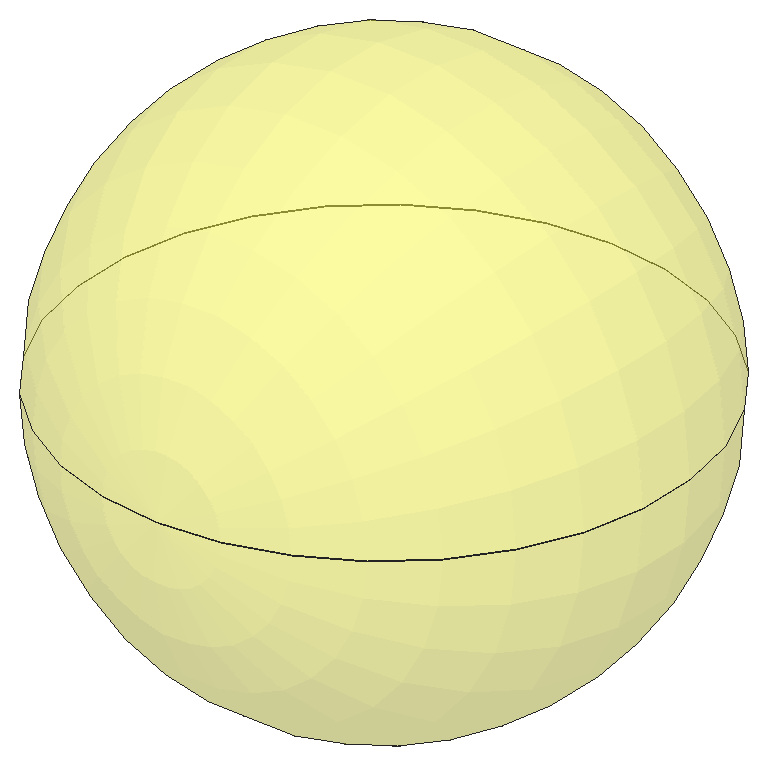
Revit family "ClashPoint_Small", category Обобщенные модели, Revit 2020
Family settings
  Может служить основой для арматурных стержней = Нет
  Размер круглого соединителя = Использовать диаметр
  Тип детали = Нормальный
  На основе рабочей плоскости = Нет
  Всегда вертикально = Да
  При загрузке вырезать с полостями = Нет
  Общий = Нет
  Точка расчета площади = Нет
Parameters (values of type "ClashPoint")
  Отметка по умолчанию = 0 mm
  Комментарии к типоразмеру = "ClashPoint"  # constant formula
  Ключевая пометка = "SYS"  # constant formula
  Группа модели = "NavisWorks"  # constant formula
Reference planes
  plane 1 "По центру (Вперед/Назад)": y = 0
  plane 2: z = 0
  plane 3 "По центру (Влево/Вправо)": x = 0
Forms (mm)
  Revolve 1, solid, material "NavisWorks_ClashObject"
    sketch origin (0, 0, 0) x (1, 0, 0) y (0, 1, 0)
      loop
        arc (0, 300) -> (-300, 0) -> (0, -300) r 300
        line (0, -300) -> (0, 300)
      axis (0, 300) -> (0, -300)
    angle from 0 to 360
Lines and regions (mm)
  model lines, style "NavisWorks_ClashPoint"
    curve 1: circle (0, 0, 0) r 300 normal (0, 0, 1)
    curve 2: circle (0, 0, 0) r 300 normal (0, -1, 0)
    curve 3: circle (0, 0, 0) r 300 normal (1, 0, 0)
    curve 4: line (0, -750, 0) -> (0, 750, 0)
    curve 5: line (-750, 0, 0) -> (750, 0, 0)
    curve 6: line (0, 0, -750) -> (0, 0, 750)
Dimensions and locks
  aligned and locked: level to plane 2
